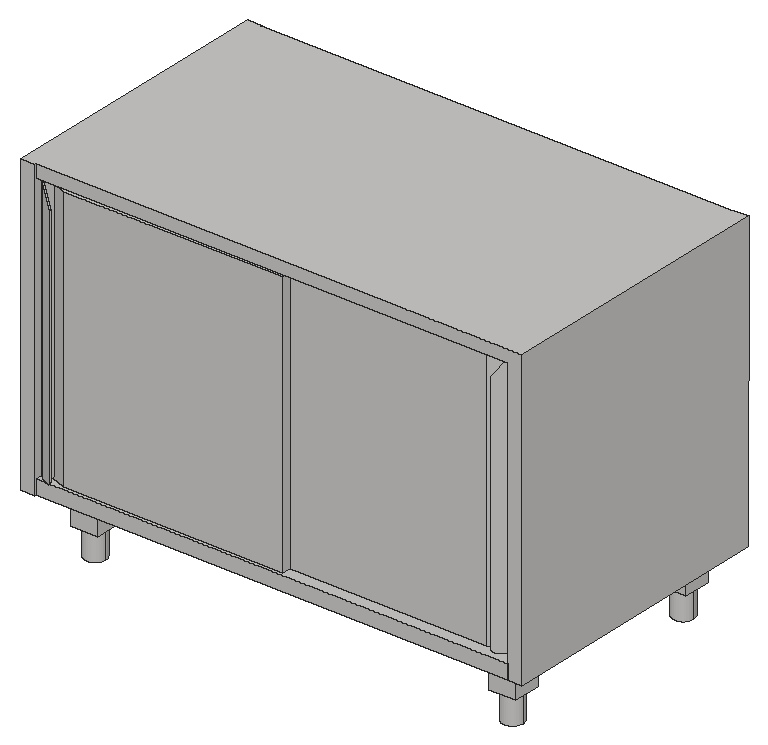
Revit family "QF_ELECTROLUXPROFESSIONAL_121925_TE2S12DA", category Attrezzature speciali, Revit 2020
Family settings
  Quota connettore circolare = Usa diametro
  Tipo di parte = Normale
  Basato su piano di lavoro = No
  Sempre verticale = Sì
  Taglio con vuoti quando caricato = No
  Condiviso = No
  Punto di calcolo locali = No
Parameters (values of type "Standard")
  Weight = 95.00 kg
  Watts = 0 W
  Volts = 0 V
  URL Manufacturer = "https://www.electroluxprofessional.com/"
  URL = "https://www.electroluxprofessional.com/"
  Steam Supply Size = 0 mm
  Steam Supply Minimum Pressure = 0.0 Pa
  Steam Supply Maximum Pressure = 0.0 Pa
  Steam Consumption per Hour = 0
  Refrigeration Suction Line Size = 0.0 mm
  Refrigeration Liquid Line Size = 0.0 mm
  Refrigerant Compressor Remote = yes
  Prospetto di default = 0.0 mm
  Phase = 0
  Modello = "TE2S12DA"
  Produttore = "Electrolux Professional"
  Length Actual = 1200.0 mm  # constant formula
  Item Number = "121925"
  Hot Water Size = 0 mm
  Height Actual = 860.0 mm  # constant formula
  HP = "0 HP"
  Gas Size = 0 mm
  Gas KW = 0
  Gas Input Pressure = 0 W
  Direct Waste Size = 0 mm
  Descrizione = "AMBIENT UNIT PASSTH.2+2 SLIDING D.1200MM"
  Depth Actual = 680.0 mm  # constant formula
  Cycle = 0 Hz
  Condensate Return Size = 0 mm
  Compressed Air Volume = 0.0 L/s
  Compressed Air Size = 0 mm
  Compressed Air Pressure = 0.0 Pa
  Cold Water Size = 0 mm
  Accessory = yes
Reference planes
  plane 1 "Center (Front/Back)": y = 0
  plane 2: z = 0
  plane 3 "Center (Left/Right)": x = -300
  plane 4 "LEFT": x = -900
  plane 5 "RIGHT": x = 300
  plane 6 "BACK": y = 340
  plane 7 "FRONT": y = -340
  plane 8 "Base": z = 860
  plane 9 "TOP": z = 900
  plane 10: x = -800
  plane 11: x = 200
  plane 12: y = 270
  plane 13: y = -240
  plane 14 "FEET": z = 150
  plane 15: x = -866
  plane 16: y = -337
  plane 17: y = 337
  plane 18: x = 266
  plane 19: x = -326.5
  plane 20: x = -273.5
Forms (mm)
  Extrusion 1, solid, material "QF_Finishes_Stainless Steel"
    sketch origin (0, 0, 150) x (-1, 0, 0) y (0, -1, 0)
      loop
        line (900, -340) -> (900, 340) -> (866, 340) -> (866, -340) -> (900, -340)
      loop
        line (-266, -340) -> (-266, 337) -> (-300, 337) -> (-300, -340) -> (-266, -340)
    from 0 to 710
  Extrusion 2, solid, material "QF_Finishes_Stainless Steel"
    sketch origin (0, 0, 150) x (-1, 0, 0) y (0, -1, 0)
      loop
        line (866, -337) -> (866, 337) -> (-266, 337) -> (-266, -337) -> (866, -337)
    from 0 to 35
  Extrusion 3, solid, material "QF_Finishes_Stainless Steel"
    sketch origin (0, 0, 0) x (1, 0, 0) y (0, 1, 0)
      loop
        line (-866, -337) -> (266, -337) -> (266, 337) -> (-866, 337) -> (-866, -337)
    from 830 to 860
  Extrusion 4, solid, material "QF_Finishes_Stainless Steel"
    sketch origin (0, -340, 0) x (-1, 0, 0) y (0, 0, 1)
      loop
        line (301, 185) -> (301, 187) -> (299, 187) -> (299, 185) -> (301, 185)
    from 45 to 43
  Extrusion 5, solid, material "QF_Finishes_Stainless Steel"
    sketch origin (0, 0, 150) x (-1, 0, 0) y (0, -1, 0)
      loop
        line (326.5, 317) -> (-198, 317) -> (-233, 302) -> (-263, 302) -> (-263, 297) -> (326.5, 297) -> (326.5, 317)
    from 675 to 40
  Extrusion 6, solid, material "QF_Finishes_Stainless Steel"
    sketch origin (0, 0, 150) x (-1, 0, 0) y (0, -1, 0)
      loop
        line (-221, 331) -> (-249, 316) -> (-263, 302) -> (-260.172, 302) -> (-247.795, 314.377) -> (-220.056, 329.237) -> (-221, 331)
    from 675 to 40
  Extrusion 7, solid, material "QF_Finishes_Stainless Steel"
    sketch origin (0, 0, 150) x (-1, 0, 0) y (0, -1, 0)
      loop
        line (273.5, 337) -> (273.5, 317) -> (863, 317) -> (863, 322) -> (833, 322) -> (798, 337) -> (273.5, 337)
    from 675 to 40
  Extrusion 8, solid, material "QF_Finishes_Stainless Steel"
    sketch origin (0, 0, 150) x (-1, 0, 0) y (0, -1, 0)
      loop
        line (821, 351) -> (820.056, 349.237) -> (847.795, 334.377) -> (860.172, 322) -> (863, 322) -> (849, 336) -> (821, 351)
    from 675 to 40
  Extrusion 9, solid, material "QF_Finishes_Stainless Steel"
    sketch origin (0, 340, 0) x (-1, 0, 0) y (0, 0, -1)
      loop
        line (301, -185) -> (299, -185) -> (299, -187) -> (301, -187) -> (301, -185)
    from 45 to 43
  Extrusion 10, solid, material "QF_Finishes_Stainless Steel"
    sketch origin (0, 0, 150) x (-1, 0, 0) y (0, -1, 0)
      loop
        line (326.5, -317) -> (326.5, -297) -> (-263, -297) -> (-263, -302) -> (-233, -302) -> (-198, -317) -> (326.5, -317)
    from 675 to 40
  Extrusion 11, solid, material "QF_Finishes_Stainless Steel"
    sketch origin (0, 0, 150) x (-1, 0, 0) y (0, -1, 0)
      loop
        line (-221, -331) -> (-220.056, -329.237) -> (-247.795, -314.377) -> (-260.172, -302) -> (-263, -302) -> (-249, -316) -> (-221, -331)
    from 675 to 40
  Extrusion 12, solid, material "QF_Finishes_Stainless Steel"
    sketch origin (0, 0, 150) x (-1, 0, 0) y (0, -1, 0)
      loop
        line (273.5, -337) -> (798, -337) -> (833, -322) -> (863, -322) -> (863, -317) -> (273.5, -317) -> (273.5, -337)
    from 675 to 40
  Extrusion 13, solid, material "QF_Finishes_Stainless Steel"
    sketch origin (0, 0, 150) x (-1, 0, 0) y (0, -1, 0)
      loop
        line (821, -351) -> (849, -336) -> (863, -322) -> (860.172, -322) -> (847.795, -334.377) -> (820.056, -349.237) -> (821, -351)
    from 675 to 40
  Extrusion 14, void
    sketch origin (-318.5, -342.5, 2435) x (-1, 0, 0) y (0, 0, 1)
      loop
        line (497, -1610) -> (497, -1661.75) -> (531.5, -1610) -> (497, -1610)
      loop
        line (501.556, -2245) -> (511.556, -2245)
        arc (511.556, -2245) -> (504.484, -2242.071) -> (501.556, -2235) r 10
        line (501.556, -2235) -> (501.556, -2245)
    from -13.118 to 9.689
  Extrusion 15, void
    sketch origin (-481.5, -342.5, 2430) x (1, 0, 0) y (0, 0, -1)
      loop
        line (697, 1605) -> (731.5, 1605) -> (697, 1656.75) -> (697, 1605)
      loop
        line (701.556, 2240) -> (701.556, 2230)
        arc (701.556, 2230) -> (704.484, 2237.071) -> (711.556, 2240) r 10
        line (711.556, 2240) -> (701.556, 2240)
    from 5.5 to 29.918
  Extrusion 16, void
    sketch origin (-318.5, 342.5, 2435) x (-1, 0, 0) y (0, 0, -1)
      loop
        line (497, 1610) -> (531.5, 1610) -> (497, 1661.75) -> (497, 1610)
      loop
        line (501.556, 2245) -> (501.556, 2235)
        arc (501.556, 2235) -> (504.484, 2242.071) -> (511.556, 2245) r 10
        line (511.556, 2245) -> (501.556, 2245)
    from -13.118 to 9.689
  Extrusion 17, void
    sketch origin (-481.5, 342.5, 2430) x (1, 0, 0) y (0, 0, 1)
      loop
        line (697, -1605) -> (697, -1656.75) -> (731.5, -1605) -> (697, -1605)
      loop
        line (701.556, -2240) -> (711.556, -2240)
        arc (711.556, -2240) -> (704.484, -2237.071) -> (701.556, -2230) r 10
        line (701.556, -2230) -> (701.556, -2240)
    from 5.5 to 29.918
Cuts and joins
  joined: Extrusion 1, Extrusion 3
  Extrusion 15 cuts Extrusion 6
  Extrusion 14 cuts Extrusion 8
  Extrusion 16 cuts Extrusion 13
  Extrusion 17 cuts Extrusion 11
Lines and regions (mm)
  symbolic lines, style "SpecialityEquipmentHiddenLines"
    curve 1: line (300, -340, 900) -> (300, 340, 900)
    curve 2: line (-900, -344.5, 150) -> (-900, 340, 150)
    curve 3: line (-900, -340, 150) -> (-866, -340, 150)
    curve 4: line (-866, -340, 150) -> (-866, -337, 150)
    curve 5: line (-866, -337, 150) -> (266, -337, 150)
    curve 6: line (266, -337, 150) -> (266, -340, 150)
    curve 7: line (266, -340, 150) -> (300, -340, 150)
    curve 8: line (266, -340, 1600) -> (266, -337, 1600)
    curve 10: line (-866, -337, 1600) -> (-866, -340, 1600)
    curve 11: line (266, -297, 200) -> (-326.5, -297, 200)
    curve 12: line (-326.5, -297, 200) -> (-326.5, -317, 200)
    curve 13: line (199, -317, 200) -> (-863, -317, 200)
    curve 17: line (-273.5, -317, 200) -> (-273.5, -337, 200)
    curve 18: line (198, -317, 1600) -> (233, -302, 1600)
    curve 19: line (233, -302, 1600) -> (263, -302, 1600)
    curve 20: line (263, -302, 1600) -> (263, -297, 1600)
    curve 21: line (220.958, -331.023, 1600) -> (248.999, -316.001, 1600)
    curve 22: line (248.999, -316.001, 1600) -> (263, -302, 1600)
    curve 23: line (260.172, -302, 1600) -> (247.795, -314.377, 1600)
    curve 24: line (247.795, -314.377, 1600) -> (219.992, -329.271, 1600)
    curve 25: line (219.992, -329.271, 1600) -> (220.958, -331.023, 1600)
    curve 26: line (-863, -317, 1600) -> (-863, -322, 1600)
    curve 27: line (-863, -322, 1600) -> (-849, -336, 1600)
    curve 28: line (-849, -336, 1600) -> (-847.133, -337, 1600)
    curve 29: line (-842.884, -337, 1600) -> (-847.955, -334.283, 1600)
    curve 30: line (-847.955, -334.283, 1600) -> (-860.239, -322, 1600)
    curve 31: line (-798, -337, 1600) -> (-833, -322, 1600)
    curve 32: line (-833, -322, 1600) -> (-863, -322, 1600)
    curve 33: line (-900, 340, 150) -> (-866, 340, 150)
    curve 34: line (-866, 340, 150) -> (-866, 337, 150)
    curve 35: line (-866, 337, 150) -> (266, 337, 150)
    curve 36: line (266, 337, 150) -> (266, 340, 150)
    curve 37: line (266, 340, 150) -> (300, 340, 150)
    curve 38: line (266, 340, 1600) -> (266, 337, 1600)
    curve 39: line (-866, 337, 1600) -> (-866, 340, 1600)
    curve 40: line (266, 297, 200) -> (-326.5, 297, 200)
    curve 41: line (-326.5, 297, 200) -> (-326.5, 317, 200)
    curve 42: line (199, 317, 200) -> (-863, 317, 200)
    curve 43: line (-273.5, 317, 200) -> (-273.5, 337, 200)
    curve 44: line (198, 317, 1600) -> (233, 302, 1600)
    curve 45: line (233, 302, 1600) -> (263, 302, 1600)
    curve 46: line (263, 302, 1600) -> (263, 297, 1600)
    curve 47: line (220.958, 331.023, 1600) -> (248.999, 316.001, 1600)
    curve 48: line (248.999, 316.001, 1600) -> (263, 302, 1600)
    curve 49: line (260.172, 302, 1600) -> (247.795, 314.377, 1600)
    curve 50: line (247.795, 314.377, 1600) -> (219.992, 329.271, 1600)
    curve 51: line (219.992, 329.271, 1600) -> (220.958, 331.023, 1600)
    curve 52: line (-863, 317, 1600) -> (-863, 322, 1600)
    curve 53: line (-863, 322, 1600) -> (-849, 336, 1600)
    curve 54: line (-849, 336, 1600) -> (-847.133, 337, 1600)
    curve 55: line (-842.884, 337, 1600) -> (-847.955, 334.283, 1600)
    curve 56: line (-847.955, 334.283, 1600) -> (-860.239, 322, 1600)
    curve 57: line (-798, 337, 1600) -> (-833, 322, 1600)
    curve 58: line (-833, 322, 1600) -> (-863, 322, 1600)
  symbolic lines, style "SpecialityEquipment"
    curve 9: line (266, -337, 1600) -> (-866, -337, 1600)
    curve 14: line (-847.133, -337, 1600) -> (-820.985, -351.008, 1600)
    curve 15: line (-820.985, -351.008, 1600) -> (-820.038, -349.239, 1600)
    curve 16: line (-842.884, -337, 1600) -> (-820.038, -349.239, 1600)
Dimensions and locks
  plane 4 "LEFT" to plane 5 "RIGHT" = 1200.0 mm
  equal spacing: plane 4 "LEFT", plane 3 "Center (Left/Right)", plane 5 "RIGHT"
  plane 6 "BACK" to plane 7 "FRONT" = 680.0 mm
  equal spacing: plane 6 "BACK", plane 1 "Center (Front/Back)", plane 7 "FRONT"
  locked: plane 14 "FEET" to level at 150
  locked: plane 4 "LEFT" to plane 10 at 100
  locked: plane 11 to plane 5 "RIGHT" at 100
  locked: plane 4 "LEFT" to plane 15 at 34
  plane 16 to plane 7 "FRONT" = 3.0 mm
  locked: plane 6 "BACK" to plane 12 at 70
  locked: plane 13 to plane 7 "FRONT" at 100
  locked: plane 8 "Base" to level at 860
  locked: plane 9 "TOP" to level at 900
  locked: plane 18 to plane 5 "RIGHT" at 34
  locked: plane 19 to plane 20 at 53
  equal spacing: plane 19, plane 3 "Center (Left/Right)", plane 20
  plane 6 "BACK" to plane 17 = 3.0 mm
  aligned and locked: level to plane 2
  aligned and locked: plane 10 to nested 1
  aligned and locked: plane 11 to nested 2
  aligned and locked: nested 4 to plane 12
  aligned and locked: plane 10 to nested 3
  aligned and locked: nested 3 to plane 12
  aligned and locked: plane 8 "Base" to Extrusion 1
  aligned and locked: plane 6 "BACK" to Extrusion 1 sketch curve
  aligned and locked: Extrusion 1 sketch curve to plane 6 "BACK"
  aligned and locked: Extrusion 1 sketch curve to plane 7 "FRONT"
  aligned and locked: plane 15 to Extrusion 1
  aligned and locked: Extrusion 2 to plane 15
  aligned and locked: plane 8 "Base" to Extrusion 3
  aligned and locked: Extrusion 2 to plane 16
  aligned and locked: Extrusion 2 to plane 17
  aligned and locked: Extrusion 3 to plane 16
  aligned and locked: nested 1 to plane 13
  aligned and locked: nested 2 to plane 13
  aligned and locked: plane 18 to Extrusion 3
  aligned and locked: Extrusion 2 sketch curve to plane 18
  aligned and locked: cut or joined group of Extrusion 1, Extrusion 3 to plane 18
  aligned and locked: Extrusion 5 to plane 19
  aligned and locked: curve 12 to plane 19
  aligned and locked: plane 20 to Extrusion 7
  aligned and locked: curve 17 to plane 20
  aligned and locked: curve 6 to curve 8
  aligned and locked: plane 18 to curve 8
  aligned and locked: cut or joined group of Extrusion 1, Extrusion 3 to plane 17
  aligned and locked: curve 36 to curve 38
  aligned and locked: plane 11 to nested 4
Automatic sketch dimensions
  curve 1 to plane 5 "RIGHT" = 0.0 mm
  curve 1 to plane 7 "FRONT" = 0.0 mm
  curve 1 to plane 6 "BACK" = 0.0 mm
  Extrusion 1 sketch curve to plane 5 "RIGHT" = 0.0 mm
  Extrusion 1 sketch curve to plane 16 = 0.0 mm
  Extrusion 1 sketch curve to plane 18 = 0.0 mm
  Extrusion 1 sketch curve to plane 15 = 0.0 mm
  Extrusion 1 sketch curve to plane 4 "LEFT" = 0.0 mm
  Extrusion 2 sketch curve to plane 15 = 0.0 mm
  plane 17 to Extrusion 2 sketch curve = 0.0 mm
  Extrusion 2 sketch curve to plane 16 = 0.0 mm
  curve 7 to plane 5 "RIGHT" = 0.0 mm
  curve 37 to plane 5 "RIGHT" = 0.0 mm
  curve 5 to plane 15 = 0.0 mm
  curve 33 to plane 6 "BACK" = 0.0 mm
  curve 33 to plane 15 = 0.0 mm
  curve 2 to plane 4 "LEFT" = 0.0 mm
  curve 37 to plane 6 "BACK" = 0.0 mm
  plane 17 to curve 34 = 0.0 mm
  curve 4 to plane 16 = 0.0 mm
  curve 7 to plane 7 "FRONT" = 0.0 mm
  curve 4 to plane 7 "FRONT" = 0.0 mm
  curve 3 to curve 2 = 4.5 mm
  Extrusion 3 sketch curve to plane 15 = 0.0 mm
  plane 17 to Extrusion 3 sketch curve = 0.0 mm
  Extrusion 3 sketch curve to plane 18 = 0.0 mm
  Extrusion 3 sketch curve to plane 16 = 0.0 mm
  plane 3 "Center (Left/Right)" to Extrusion 4 sketch curve = 1.0 mm
  Extrusion 4 sketch curve to plane 3 "Center (Left/Right)" = 1.0 mm
  plane 14 "FEET" to Extrusion 4 sketch curve = 35.0 mm
  Extrusion 4 sketch curve to Extrusion 4 sketch curve = 2.0 mm
  Extrusion 5 sketch curve to plane 19 = 0.0 mm
  Extrusion 5 sketch curve to plane 11 = 2.0 mm
  plane 11 to Extrusion 5 sketch curve = 33.0 mm
  Extrusion 5 sketch curve to plane 18 = 3.0 mm
  plane 16 to Extrusion 5 sketch curve = 40.0 mm
  Extrusion 5 sketch curve to Extrusion 5 sketch curve = 5.0 mm
  Extrusion 5 sketch curve to Extrusion 5 sketch curve = 20.0 mm
  Extrusion 6 sketch curve to plane 18 = 3.0 mm
  Extrusion 6 sketch curve to Extrusion 6 sketch curve = 2.828 mm
  Extrusion 6 sketch curve to plane 18 = 17.0 mm
  Extrusion 6 sketch curve to Extrusion 6 sketch curve = 1.205 mm
  plane 16 to Extrusion 6 sketch curve = 6.0 mm
  plane 11 to Extrusion 6 sketch curve = 21.0 mm
  plane 16 to Extrusion 6 sketch curve = 7.763 mm
  Extrusion 6 sketch curve to Extrusion 6 sketch curve = 0.944 mm
  Extrusion 6 sketch curve to Extrusion 6 sketch curve = 12.377 mm
  Extrusion 7 sketch curve to plane 16 = 0.0 mm
  Extrusion 7 sketch curve to plane 20 = 0.0 mm
  plane 10 to Extrusion 7 sketch curve = 2.0 mm
  plane 16 to Extrusion 7 sketch curve = 15.0 mm
  Extrusion 7 sketch curve to plane 10 = 33.0 mm
  plane 15 to Extrusion 7 sketch curve = 3.0 mm
  Extrusion 7 sketch curve to Extrusion 7 sketch curve = 20.0 mm
  Extrusion 8 sketch curve to plane 10 = 20.056 mm
  Extrusion 8 sketch curve to plane 7 "FRONT" = 11.0 mm
  Extrusion 8 sketch curve to Extrusion 8 sketch curve = 0.944 mm
  plane 16 to Extrusion 8 sketch curve = 2.623 mm
  plane 15 to Extrusion 8 sketch curve = 18.205 mm
  plane 16 to Extrusion 8 sketch curve = 1.0 mm
  plane 15 to Extrusion 8 sketch curve = 5.828 mm
  Extrusion 8 sketch curve to Extrusion 8 sketch curve = 2.828 mm
  plane 16 to Extrusion 8 sketch curve = 15.0 mm
  plane 17 to curve 38 = 0.0 mm
  curve 38 to plane 18 = 0.0 mm
  plane 17 to curve 57 = 0.0 mm
  curve 31 to plane 16 = 0.0 mm
  plane 17 to curve 55 = 0.0 mm
  plane 17 to curve 54 = 0.0 mm
  curve 9 to plane 15 = 0.0 mm
  curve 39 to plane 15 = 0.0 mm
  curve 39 to plane 6 "BACK" = 0.0 mm
  curve 38 to plane 6 "BACK" = 0.0 mm
  plane 17 to curve 39 = 0.0 mm
  curve 8 to plane 7 "FRONT" = 0.0 mm
  curve 10 to plane 7 "FRONT" = 0.0 mm
  curve 22 to plane 18 = 3.0 mm
  curve 45 to plane 18 = 3.0 mm
  curve 47 to plane 18 = 17.001 mm
  curve 21 to plane 18 = 17.001 mm
  curve 21 to curve 24 = 1.204 mm
  curve 47 to curve 50 = 1.204 mm
  curve 23 to curve 19 = 14.795 mm
  curve 49 to curve 45 = 14.795 mm
  plane 16 to curve 25 = 5.977 mm
  plane 11 to curve 25 = 20.958 mm
  plane 17 to curve 47 = 5.977 mm
  plane 11 to curve 47 = 20.958 mm
  plane 17 to curve 50 = 7.729 mm
  curve 47 to curve 50 = 0.966 mm
  plane 16 to curve 24 = 7.729 mm
  curve 21 to curve 24 = 0.966 mm
  curve 16 to plane 7 "FRONT" = 9.239 mm
  curve 16 to plane 10 = 20.038 mm
  curve 14 to plane 7 "FRONT" = 11.008 mm
  curve 15 to curve 14 = 0.948 mm
  plane 16 to curve 31 = 15.0 mm
  curve 31 to curve 16 = 9.884 mm
  plane 17 to curve 57 = 15.0 mm
  curve 57 to plane 10 = 33.0 mm
  plane 17 to curve 56 = 2.717 mm
  plane 15 to curve 56 = 18.045 mm
  plane 16 to curve 29 = 2.717 mm
  curve 14 to curve 29 = 0.822 mm
  plane 16 to curve 27 = 1.0 mm
  curve 29 to curve 27 = 1.045 mm
  plane 17 to curve 54 = 1.0 mm
  curve 55 to curve 54 = 1.045 mm
  plane 15 to curve 53 = 3.0 mm
  plane 15 to curve 26 = 3.0 mm
  plane 17 to curve 47 = 20.999 mm
  curve 47 to curve 49 = 1.624 mm
  curve 49 to curve 48 = 12.377 mm
  curve 19 to curve 24 = 27.271 mm
  curve 23 to curve 23 = 12.377 mm
  curve 23 to curve 22 = 1.624 mm
  curve 45 to curve 49 = 2.828 mm
  curve 19 to curve 23 = 2.828 mm
  curve 18 to plane 11 = 2.0 mm
  curve 44 to plane 11 = 2.0 mm
  plane 10 to curve 57 = 2.0 mm
  plane 10 to curve 31 = 2.0 mm
  curve 55 to curve 55 = 5.071 mm
  curve 29 to curve 16 = 0.0 mm
  curve 54 to curve 53 = 1.867 mm
  curve 28 to curve 14 = 0.0 mm
  curve 56 to curve 52 = 2.761 mm
  curve 30 to curve 26 = 2.761 mm
  plane 17 to curve 44 = 20.0 mm
  curve 52 to curve 52 = 5.0 mm
  curve 45 to curve 46 = 5.0 mm
  curve 20 to curve 19 = 5.0 mm
  plane 16 to curve 18 = 20.0 mm
  curve 26 to curve 26 = 5.0 mm
  curve 11 to plane 18 = 0.0 mm
  curve 40 to plane 18 = 0.0 mm
  curve 43 to plane 20 = 0.0 mm
  curve 40 to plane 19 = 0.0 mm
  plane 17 to curve 43 = 0.0 mm
  curve 17 to plane 16 = 0.0 mm
  plane 12 to curve 41 = 27.0 mm
  plane 16 to curve 11 = 40.0 mm
  curve 13 to plane 11 = 1.0 mm
  curve 42 to plane 11 = 1.0 mm
  plane 15 to curve 13 = 3.0 mm
  plane 15 to curve 42 = 3.0 mm
  plane 17 to curve 42 = 20.0 mm
  curve 11 to curve 12 = 20.0 mm
  plane 3 "Center (Left/Right)" to Extrusion 9 sketch curve = 1.0 mm
  Extrusion 9 sketch curve to plane 3 "Center (Left/Right)" = 1.0 mm
  plane 14 "FEET" to Extrusion 9 sketch curve = 37.0 mm
  Extrusion 9 sketch curve to Extrusion 9 sketch curve = 2.0 mm
  Extrusion 10 sketch curve to plane 19 = 0.0 mm
  plane 11 to Extrusion 10 sketch curve = 2.0 mm
  Extrusion 10 sketch curve to plane 11 = 33.0 mm
  plane 18 to Extrusion 10 sketch curve = 3.0 mm
  Extrusion 10 sketch curve to plane 12 = 27.0 mm
  Extrusion 10 sketch curve to Extrusion 10 sketch curve = 5.0 mm
  Extrusion 10 sketch curve to Extrusion 10 sketch curve = 20.0 mm
  plane 18 to Extrusion 11 sketch curve = 3.0 mm
  Extrusion 11 sketch curve to Extrusion 11 sketch curve = 2.828 mm
  plane 18 to Extrusion 11 sketch curve = 17.0 mm
  Extrusion 11 sketch curve to Extrusion 11 sketch curve = 1.205 mm
  Extrusion 11 sketch curve to plane 17 = 6.0 mm
  Extrusion 11 sketch curve to plane 11 = 21.0 mm
  Extrusion 11 sketch curve to plane 17 = 7.763 mm
  Extrusion 11 sketch curve to Extrusion 11 sketch curve = 0.944 mm
  Extrusion 11 sketch curve to Extrusion 11 sketch curve = 12.377 mm
  plane 17 to Extrusion 12 sketch curve = 0.0 mm
  Extrusion 12 sketch curve to plane 20 = 0.0 mm
  Extrusion 12 sketch curve to plane 10 = 2.0 mm
  Extrusion 12 sketch curve to plane 17 = 15.0 mm
  plane 10 to Extrusion 12 sketch curve = 33.0 mm
  Extrusion 12 sketch curve to plane 15 = 3.0 mm
  Extrusion 12 sketch curve to Extrusion 12 sketch curve = 20.0 mm
  plane 10 to Extrusion 13 sketch curve = 20.056 mm
  Extrusion 13 sketch curve to plane 6 "BACK" = 11.0 mm
  Extrusion 13 sketch curve to Extrusion 13 sketch curve = 0.944 mm
  Extrusion 13 sketch curve to plane 17 = 2.623 mm
  Extrusion 13 sketch curve to plane 15 = 18.205 mm
  Extrusion 13 sketch curve to plane 17 = 1.0 mm
  Extrusion 13 sketch curve to plane 15 = 5.828 mm
  Extrusion 13 sketch curve to Extrusion 13 sketch curve = 2.828 mm
  Extrusion 13 sketch curve to plane 17 = 15.0 mm
  Extrusion 14 sketch curve to plane 10 = 15.5 mm
  Extrusion 14 sketch curve to plane 10 = 20.056 mm
  Extrusion 14 sketch curve to Extrusion 14 sketch curve = 10.0 mm
  plane 15 to Extrusion 14 sketch curve = 16.0 mm
  plane 14 "FEET" to Extrusion 14 sketch curve = 40.0 mm
  Extrusion 14 sketch curve to plane 8 "Base" = 86.75 mm
  Extrusion 14 sketch curve to plane 8 "Base" = 35.0 mm
  plane 11 to Extrusion 15 sketch curve = 15.5 mm
  plane 11 to Extrusion 15 sketch curve = 20.056 mm
  Extrusion 15 sketch curve to Extrusion 15 sketch curve = 10.0 mm
  Extrusion 15 sketch curve to plane 18 = 16.0 mm
  Extrusion 15 sketch curve to plane 8 "Base" = 35.0 mm
  Extrusion 15 sketch curve to Extrusion 15 sketch curve = 51.75 mm
  plane 14 "FEET" to Extrusion 15 sketch curve = 50.0 mm
  Extrusion 16 sketch curve to plane 10 = 15.5 mm
  Extrusion 16 sketch curve to plane 10 = 20.056 mm
  Extrusion 16 sketch curve to Extrusion 16 sketch curve = 10.0 mm
  plane 15 to Extrusion 16 sketch curve = 16.0 mm
  Extrusion 16 sketch curve to plane 8 "Base" = 35.0 mm
  Extrusion 16 sketch curve to Extrusion 16 sketch curve = 51.75 mm
  plane 14 "FEET" to Extrusion 16 sketch curve = 50.0 mm
  plane 11 to Extrusion 17 sketch curve = 15.5 mm
  plane 11 to Extrusion 17 sketch curve = 20.056 mm
  Extrusion 17 sketch curve to Extrusion 17 sketch curve = 10.0 mm
  Extrusion 17 sketch curve to plane 18 = 16.0 mm
  plane 14 "FEET" to Extrusion 17 sketch curve = 40.0 mm
  Extrusion 17 sketch curve to plane 8 "Base" = 86.75 mm
  Extrusion 17 sketch curve to plane 8 "Base" = 35.0 mm
Nested families
  nested 1: "FEET_L65-150" at (-800, -240, 0), type "FEET_L65-150"
  nested 2: "FEET_L65-150" at (200, -240, 0), type "FEET_L65-150"
  nested 3: "FEET_L65-150" at (-800, 270, 0), type "FEET_L65-150"
  nested 4: "FEET_L65-150" at (200, 270, 0), type "FEET_L65-150"
Definition of nested family "FEET_L65-150"
  Parameters
    Default Elevation = 0.0 mm
    FEET = 150.0 mm
  Reference planes
    plane 1 "Center (Front/Back)": y = 0
    plane 2: z = 0
    plane 3 "Center (Left/Right)": x = 0
    plane 4: z = 150
  Forms (mm)
    Extrusion 1, solid
      sketch origin (0, 0, 0) x (1, 0, 0) y (0, 1, 0)
        loop
          circle (0, 0) r 25
      from 0 to 67
    Extrusion 2, solid
      sketch origin (0, 0, 0) x (1, 0, 0) y (0, 1, 0)
        loop
          line (32.561, 32.5) -> (-32.439, 32.5) -> (-32.439, -32.5) -> (32.561, -32.5) -> (32.561, 32.5)
      from 67 to 150 <- "FEET"
  Lines and regions (mm)
    symbolic lines
      curve 1: line (0, -1.503, 0) -> (0, 1.508, 0)
      curve 2: line (1.561, 0, 0) -> (-1.439, 0, 0)
  Dimensions and locks
    "FEET": plane 4 to plane 2
    aligned and locked: level to plane 2
  Automatic sketch dimensions
    plane 1 "Center (Front/Back)" to Extrusion 1 sketch curve = 0.0 mm
    Extrusion 1 sketch curve to plane 3 "Center (Left/Right)" = 0.0 mm
    plane 1 "Center (Front/Back)" to curve 2 = 0.0 mm
    curve 1 to plane 3 "Center (Left/Right)" = 0.0 mm
    curve 2 to plane 3 "Center (Left/Right)" = 1.439 mm
    plane 3 "Center (Left/Right)" to curve 2 = 1.561 mm
    plane 1 "Center (Front/Back)" to curve 1 = 1.503 mm
    curve 1 to plane 1 "Center (Front/Back)" = 1.508 mm
    Extrusion 2 sketch curve to plane 1 "Center (Front/Back)" = 32.5 mm
    Extrusion 2 sketch curve to plane 3 "Center (Left/Right)" = 32.439 mm
    plane 3 "Center (Left/Right)" to Extrusion 2 sketch curve = 32.561 mm
    plane 1 "Center (Front/Back)" to Extrusion 2 sketch curve = 32.5 mm
    radius of Extrusion 1 sketch curve = 25.0 mm
